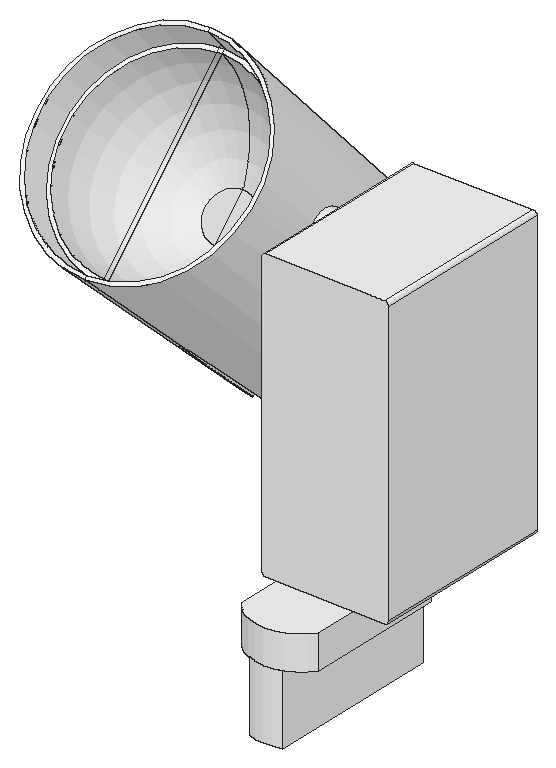
Revit family "0004825 Feilo Sylvania Lighting Fixture START TRACK SPOT S 14W 4K RA80 WB WHITE", category Lighting Fixtures, host Face, Revit 2017 (continued)
Definition of nested family "Start Track Spot Head"
  Types (96, lengths in mm): name | Wattage | built-in parameter 1150134 | Photometric Web File | Model | built-in parameter 1150105 | Lumens | built-in parameter 1150107 | built-in parameter 1150106 | HeadThickness_FEILO | HeadRibOffset_FEILO | HeadRibDepth_FEILO | HeadRibCutWidth_FEILO | HeadRibCutOffset_FEILO | HeadReflectorRadius_FEILO | HeadReflectorOffset_FEILO | HeadLEDRadius_FEILO | HeadHeight_FEILO | HeadDiffusorOffset_FEILO | HeadDiaOut_FEILO | HeadDiaIn_FEILO | HeadAxisFromTop_FEILO | Emit from Circle Diameter | built-in parameter 1150104 | Description | Apparent Load
    0004812 START TRACK SPOT S 14W 3K RA80 MB WHITE | 14 W | (empty or 0) | "0004812.ies" | "START TRACK SPOT S 14W 3K RA80 MB WHITE" | 120.32 (stored number, unit not read) | 1512 lm | 3000 (stored number, unit not read) | 1.2032 (stored number, unit not read) | 1.5 | 4.179 | 55.714 | 7.167 | 50.87 | 50.588 | 55.714 | 9.556 | 117 | 9.435 | 86 | 77.477 | 69.354 | 77.477 | 10.034 (stored number, unit not read) | "Integrated LED spotlight, Textured White - RAL9016, compact and minimalist design, ideal for retail applications, die-cast aluminium body, passive cooling heatsink. Beam angle: 36°, color temperature: 3000K , total system power: 14W, total fixture output: 1508 lm, LOR: 100%, colour rendering: Ra: 80 typical, LED Chromaticity: 3 step MacAdam ellipse, lifetime: >50000 hours at L70B50, energy class: A++, A+, A, IR/UV free light source without heat radiation, operating voltage: 220-240V / 50-60Hz, drive current: 350mA, electronic driver, non-dimmable, power factor: 0.92, electrical protection: Class II, Global Track 3 Phase adapter suitable for Global trac 3-circuit tracks, ingress protection rating: IP20, suitable for internal environment only, horizontal rotation: 355°, vertical tilt: 90°, dimensions: Ø86x140x200, weight: 0.940kg." | 14 VA
    0004811 START TRACK SPOT S 14W 3K RA80 NB WHITE | 14 W | (empty or 0) | "0004811.ies" | "START TRACK SPOT S 14W 3K RA80 NB WHITE" | 123.66 (stored number, unit not read) | 1554 lm | 3000 (stored number, unit not read) | 1.2366 (stored number, unit not read) | 1.5 | 4.179 | 55.714 | 7.167 | 50.87 | 50.588 | 55.714 | 9.556 | 117 | 9.435 | 86 | 77.477 | 69.354 | 77.477 | 10.312 (stored number, unit not read) | "Integrated LED spotlight, Textured White - RAL9016, compact and minimalist design, ideal for retail applications, die-cast aluminium body, passive cooling heatsink. Beam angle: 12°, color temperature: 3000K , total system power: 14W, total fixture output: 1551 lm, LOR: 100%, colour rendering: Ra: 80 typical, LED Chromaticity: 3 step MacAdam ellipse, lifetime: >50000 hours at L70B50, energy class: A++, A+, A, IR/UV free light source without heat radiation, operating voltage: 220-240V / 50-60Hz, drive current: 350mA, electronic driver, non-dimmable, power factor: 0.92, electrical protection: Class II, Global Track 3 Phase adapter suitable for Global trac 3-circuit tracks, ingress protection rating: IP20, suitable for internal environment only, horizontal rotation: 355°, vertical tilt: 90°, dimensions: Ø86x140x200, weight: 0.940kg." | 14 VA
  Reference planes
    plane 1 "Center (Front/Back)": y = 0
    plane 2: z = 0
    plane 3 "Center (Left/Right)": x = 0
    plane 4: x = 43
    plane 5: x = -43
    plane 6: x = -38.739
    plane 7: x = 38.739
    plane 8: z = 69.354
    plane 9: z = -47.646
    plane 10: x = -41.5
    plane 11: x = -37.239
    plane 12: z = -38.211
    plane 13: z = -35.211
    plane 14: z = 8.068
    plane 15: x = -9.556
    plane 16: x = -28.667
    plane 17: x = -19.111
    plane 18: x = -27.167
    plane 19: x = -17.611
    plane 20: x = -8.056
    plane 21: z = 13.64
    plane 22: x = -29.667
    plane 23: x = -26.167
    plane 24: x = -20.111
    plane 25: x = -16.611
    plane 26: x = -10.556
    plane 27: x = -7.056
    plane 28: x = -36.239
    plane 29: x = -40.5
    plane 30: z = 65.175
    plane 31: z = 60.997
    plane 32: z = 56.818
    plane 33: z = 18.484
    plane 34: y = -43
    plane 35: y = 43
    plane 36: y = 3.583
    plane 37: y = -3.583
    plane 38: y = -2.583
    plane 39: y = 2.583
    plane 40: y = 46
    plane 41: z = 13.5
    plane 42: z = -13.5
    plane 43: y = 39
    plane 44: x = 4.708
    plane 45: x = -2.458
    plane 46: x = -1.458
    plane 47: x = 1.458
  Forms (mm)
    Extrusion 1, solid
      sketch origin (4.2, 0, 0) x (1, 0, 0) y (0, 1, 0)
        loop
          line (-1219.2, 1219.2) -> (-1219.2, -1219.2) -> (1219.2, -1219.2) -> (1219.2, 1219.2) -> (-1219.2, 1219.2)
      from 0 to -68.017
    Revolve 2, solid, material <- "Material_1_FEILO", detail levels medium+fine
      sketch origin (0, 0, 0) x (1, 0, 0) y (0, 0, 1)
        loop
          line (-43, -47.646) -> (-41.5, -47.646) -> (-40.5, -35.211) -> (-38.739, -35.211)
          arc (-38.739, -35.211) -> (-30.16, -9.517) -> (-9.556, 8.068) r 50.588
          line (-9.556, 8.068) -> (0, 8.068) -> (0, 13.64) -> (-16.611, 13.64) -> (-17.611, 60.997) -> (-19.111, 60.997) -> (-20.111, 13.64) -> (-36.239, 13.64) -> (-37.239, 69.354) -> (-38.739, 69.354) -> (-43, -47.646)
        axis (0, 69.354) -> (0, -47.646)
      angle from 360 to 0
    Extrusion 3, void
      sketch origin (0, 0, 0) x (0, 1, 0) y (0, 0, 1)
        loop
          line (-3.583, 69.354) -> (-2.583, 18.484) -> (1.932, 18.484) -> (2.932, 69.354) -> (-3.583, 69.354)
      from 43 to -43
    Revolve 4, solid, material <- "Material_2_FEILO", detail levels medium+fine
      sketch origin (0, 0, 0) x (1, 0, 0) y (0, 0, 1)
        loop
          line (-41.5, -38.211) -> (0, -38.211) -> (0, -35.211) -> (-41.5, -35.211) -> (-41.5, -38.211)
        axis (0, -35.211) -> (0, -38.211)
      angle from 360 to 0
    Revolve 5, solid, material <- "Material_1_FEILO"
      sketch origin (0, 0, 0) x (0, 1, 0) y (0, 0, 1)
        loop
          line (46, 0) -> (39, 0) -> (39, -13.5) -> (46, -13.5) -> (46, 0)
        axis (39, 0) -> (46, 0)
      angle from 360 to 0
    Revolve 6, solid, material <- "Material_1_FEILO", detail levels medium+fine
      sketch origin (0, 0, 0) x (1, 0, 0) y (0, 0, 1)
        loop
          line (-29.667, 13.64) -> (-26.167, 13.64) -> (-27.167, 65.175) -> (-28.667, 65.175) -> (-29.667, 13.64)
        loop
          line (-10.556, 13.64) -> (-7.056, 13.64) -> (-7.833, 56.818) -> (-9.778, 56.818) -> (-10.556, 13.64)
        axis (0, 65.175) -> (0, 13.64)
      angle from 360 to 0
    Extrusion 7, void
      sketch origin (0, 0, 0) x (1, 0, 0) y (0, 0, 1)
        loop
          line (4.708, 69.354) -> (-2.458, 69.354) -> (-1.458, 13.64) -> (1.458, 13.64) -> (4.708, 69.354)
      from -43 to 43
    Revolve 8, solid, material <- "Material_1_FEILO", detail levels coarse
      sketch origin (0, 0, 0) x (1, 0, 0) y (0, 0, 1)
        loop
          line (0, 69.354) -> (-38.739, 69.354) -> (-43, -47.646) -> (-41.5, -47.646) -> (-40.731, -38.211) -> (0, -38.211) -> (0, 69.354)
        axis (0, 69.354) -> (0, -47.646)
      angle from 360 to 0
  Cuts and joins
    Extrusion 3 cuts Revolve 2
    Extrusion 7 cuts Revolve 6
  Dimensions and locks
    equal spacing: plane 7, plane 3 "Center (Left/Right)", plane 6
    equal spacing: plane 4, plane 3 "Center (Left/Right)", plane 5
    "HeadDiaOut_FEILO": plane 4 to plane 5
    "HeadDiaIn_FEILO": plane 7 to plane 6
    "HeadHeight_FEILO": plane 8 to plane 9
    "HeadThickness_FEILO": plane 10 to plane 5
    "HeadThickness_FEILO": plane 11 to plane 6
    "HeadDiffusorOffset_FEILO": plane 12 to plane 9
    "HeadDiffusorThickness_FEILO": plane 13 to plane 12
    "HeadReflectorOffset_FEILO": plane 14 to plane 9
    "HeadLEDRadius_FEILO": plane 3 "Center (Left/Right)" to plane 15
    "HeadLEDRadius_FEILO": plane 15 to plane 17
    "HeadLEDRadius_FEILO": plane 17 to plane 16
    "HeadThickness_FEILO": plane 18 to plane 16
    "HeadThickness_FEILO": plane 19 to plane 17
    "HeadThickness_FEILO": plane 20 to plane 15
    "HeadRibDepth_FEILO": plane 8 to plane 21
    "HeadDraft_FEILO": plane 16 to plane 22
    "HeadDraft_FEILO": plane 23 to plane 18
    "HeadDraft_FEILO": plane 17 to plane 24
    "HeadDraft_FEILO": plane 25 to plane 19
    "HeadDraft_FEILO": plane 15 to plane 26
    "HeadDraft_FEILO": plane 27 to plane 20
    "HeadDraft_FEILO": plane 29 to plane 10
    "HeadDraft_FEILO": plane 28 to plane 11
    "HeadRibOffset_FEILO": plane 8 to plane 30
    "HeadRibOffset_FEILO": plane 30 to plane 31
    "HeadRibOffset_FEILO": plane 31 to plane 32
    "HeadAxisFromTop_FEILO": plane 8 to plane 2
    "HeadRibCutOffset_FEILO": plane 8 to plane 33
    equal spacing: plane 34, plane 1 "Center (Front/Back)", plane 35
    "HeadDiaOut_FEILO": plane 34 to plane 35
    equal spacing: plane 38, plane 1 "Center (Front/Back)", plane 39
    equal spacing: plane 37, plane 1 "Center (Front/Back)", plane 36
    "HeadRibCutWidth_FEILO": plane 37 to plane 36
    "HeadDraft_FEILO": plane 37 to plane 38
    locked: plane 35 to plane 40 at 3
    equal spacing: plane 41, plane 2, plane 42
    locked: plane 42 to plane 41 at 27
    locked: plane 43 to plane 35 at 4
    equal spacing: plane 45, imposter light, plane 44
    "HeadDraft_FEILO": plane 46 to plane 45
    "HeadRibCutWidth_FEILO": plane 44 to plane 45
    equal spacing: plane 47, plane 3 "Center (Left/Right)", plane 46
    "HeadReflectorRadius_FEILO": radius of Revolve 2 sketch curve
    aligned and locked: plane 2 to Extrusion 1
    aligned and locked: level to Extrusion 1
    aligned and locked: Revolve 2 sketch curve to plane 3 "Center (Left/Right)"  (x2)
    aligned and locked: plane 9 to Revolve 2 sketch curve  (x2)
    aligned and locked: plane 5 to Revolve 2 sketch curve
    aligned and locked: plane 10 to Revolve 2 sketch curve
    aligned and locked: plane 14 to Revolve 2 sketch curve
    aligned and locked: plane 8 to Revolve 2 sketch curve
    aligned and locked: Revolve 2 sketch curve to plane 13
    aligned and locked: plane 12 to Revolve 4 sketch curve
    aligned and locked: plane 3 "Center (Left/Right)" to Revolve 4 sketch curve
    aligned and locked: Revolve 4 sketch curve to plane 10
    aligned and locked: Revolve 4 sketch curve to plane 3 "Center (Left/Right)"
    aligned and locked: plane 12 to imposter light
    aligned and locked: imposter light to plane 1 "Center (Front/Back)"
    aligned and locked: Revolve 5 sketch curve to plane 2
    aligned and locked: plane 43 to Revolve 5 sketch curve
    aligned and locked: plane 42 to Revolve 5 sketch curve
    aligned and locked: Revolve 6 sketch curve to plane 3 "Center (Left/Right)"
    aligned and locked: plane 22 to Revolve 6 sketch curve
    aligned and locked: plane 30 to Revolve 6 sketch curve
    aligned and locked: plane 23 to Revolve 6 sketch curve
    aligned and locked: Revolve 6 sketch curve to plane 21  (x2)
    aligned and locked: plane 21 to Revolve 6 sketch curve
    aligned and locked: plane 17 to Revolve 2 sketch curve
    aligned and locked: plane 19 to Revolve 2 sketch curve
    aligned and locked: plane 31 to Revolve 2 sketch curve
    aligned and locked: plane 21 to Revolve 2 sketch curve
    aligned and locked: Extrusion 3 to plane 8
    aligned and locked: plane 33 to Extrusion 3
    aligned and locked: plane 8 to Extrusion 3 sketch curve
    aligned and locked: Extrusion 3 sketch curve to plane 33
    aligned and locked: Extrusion 3 to plane 5
    aligned and locked: plane 4 to Extrusion 3
    aligned and locked: plane 32 to Revolve 6 sketch curve
    aligned and locked: plane 44 to Extrusion 7 sketch curve
    aligned and locked: Extrusion 7 sketch curve to plane 8
    aligned and locked: plane 46 to Extrusion 7 sketch curve
    aligned and locked: plane 21 to Extrusion 7 sketch curve
    aligned and locked: plane 34 to Extrusion 7
    aligned and locked: Extrusion 7 to plane 35
    aligned and locked: Revolve 4 sketch curve to plane 13
    aligned and locked: Revolve 5 sketch curve to plane 40
    aligned and locked: Revolve 8 sketch curve to plane 3 "Center (Left/Right)"
    aligned and locked: Revolve 8 sketch curve to cut or joined group of Revolve 2, Extrusion 3  (x3)
    aligned and locked: plane 5 to Revolve 8 sketch curve
    aligned and locked: plane 3 "Center (Left/Right)" to Revolve 8 sketch curve
    aligned and locked: plane 12 to Revolve 8 sketch curve
  Automatic sketch dimensions
    Extrusion 1 sketch curve to Extrusion 1 sketch curve = 2438.4 mm  (x2)
    Extrusion 3 sketch curve to plane 37 = 0 mm
    Extrusion 3 sketch curve to plane 38 = 0 mm
    plane 39 to Extrusion 3 sketch curve = 0.651 mm
    Extrusion 3 sketch curve to plane 39 = 0.349 mm
    Revolve 6 sketch curve to plane 16 = 0 mm
    Revolve 6 sketch curve to plane 18 = 0 mm
    Revolve 6 sketch curve to plane 26 = 0 mm
    Revolve 6 sketch curve to plane 27 = 0 mm
    Revolve 6 sketch curve to plane 15 = 0.222 mm
    plane 9 to Revolve 6 sketch curve = 559.103 mm
    Revolve 6 sketch curve to plane 8 = 2535.555 mm
    plane 20 to Revolve 6 sketch curve = 0.222 mm
    Revolve 2 sketch curve to plane 29 = 0 mm
    Revolve 2 sketch curve to plane 6 = 0 mm  (x2)
    Revolve 2 sketch curve to plane 11 = 0 mm
    Revolve 2 sketch curve to plane 21 = 0 mm
    Revolve 2 sketch curve to plane 28 = 0 mm
    Revolve 2 sketch curve to plane 24 = 0 mm
    Revolve 2 sketch curve to plane 25 = 0 mm
    Revolve 2 sketch curve to plane 15 = 0 mm
    Revolve 2 sketch curve to Revolve 2 sketch curve = 557.155 mm
    Revolve 2 sketch curve to plane 8 = 2535.558 mm
    Extrusion 7 sketch curve to plane 45 = 0 mm
    Extrusion 7 sketch curve to plane 47 = 0 mm
    plane 9 to Revolve 4 sketch curve = 559.103 mm
    Revolve 4 sketch curve to plane 8 = 2535.555 mm
    Revolve 5 sketch curve to level = 0 mm
    plane 34 to Revolve 5 sketch curve = 1968.092 mm
    Revolve 5 sketch curve to plane 40 = 1405.763 mm
    Revolve 8 sketch curve to plane 6 = 0 mm
    Revolve 8 sketch curve to plane 29 = 0.231 mm
    plane 9 to Revolve 8 sketch curve = 559.103 mm
    Revolve 8 sketch curve to Revolve 8 sketch curve = 2535.555 mm
Definition of nested family "Start Track Spot Box"
  Parameters (values of type "Type Large White")
    URL = "http://www.feilosylvania.com"
    Type Image = (empty or 0)
    Type Comments = "n/a"
    Small_FEILO = no
    Material_3_FEILO = none
    Model = ""
    Manufacturer = "Feilo Sylvania"
    Keynote = ""
    Material_2_FEILO = none
    Description = ""
    Default Elevation = 1219.2 mm
    Cost = 0
    Material_1_FEILO = none
    BoxWidth_FEILO = 49 mm
    BoxStartAngle_FEILO [instance] = 0.00°
    BoxRadius_FEILO = 1.5 mm
    BoxHeight_FEILO = if(Small_FEILO, 112 mm, 136 mm)  # 136 mm
    BoxEndAngle_FEILO [instance] = BoxStartAngle_FEILO - 180.00°  # -180.00°
    BoxDepth_FEILO = if(Small_FEILO, 71.5 mm, 79 mm)  # 79 mm
    BoxAxisVerticalOffset_FEILO = 16 mm
    BoxAxisOffset_FEILO = BoxHeight_FEILO / 6.8  # 20 mm
    Assembly Code = ""
    Material_4_FEILO = none
  Types (4, lengths in mm): name | Small_FEILO | BoxHeight_FEILO | BoxDepth_FEILO | BoxAxisOffset_FEILO
    Type Large White | no | 136 | 79 | 20
    Type Small White | yes | 112 | 71.5 | 16.471
    Type Small Black | yes | 112 | 71.5 | 16.471
    Type Large Black | no | 136 | 79 | 20
  Reference planes
    plane 1 "Center (Front/Back)": y = 0
    plane 2: z = 0
    plane 3 "Center (Left/Right)": x = 0
    plane 4: x = 24.5
    plane 5: x = -24.5
    plane 6: y = 68
    plane 7: y = -68
    plane 8: z = 39.5
    plane 9: z = -39.5
    plane 10: y = -48
    plane 11: x = 30.5
    plane 12: x = 8.5
    plane 13: x = 21.5
    plane 14: y = 70
    plane 15: y = 72
    plane 16: x = 19.5
  Forms (mm)
    Extrusion 1, solid
      sketch origin (4.2, 0, 0) x (1, 0, 0) y (0, 1, 0)
        loop
          line (-1219.2, 1219.2) -> (-1219.2, -1219.2) -> (1219.2, -1219.2) -> (1219.2, 1219.2) -> (-1219.2, 1219.2)
      from 0 to -68.017
    Extrusion 2, solid, material <- "Material_1_FEILO"
      sketch origin (0, 0, 0) x (1, 0, 0) y (0, 1, 0)
        loop
          arc (-23, 68) -> (-24.061, 67.561) -> (-24.5, 66.5) r 1.5
          line (-24.5, 66.5) -> (-24.5, -66.5)
          arc (-24.5, -66.5) -> (-24.061, -67.561) -> (-23, -68) r 1.5
          line (-23, -68) -> (23, -68)
          arc (23, -68) -> (24.061, -67.561) -> (24.5, -66.5) r 1.5
          line (24.5, -66.5) -> (24.5, 66.5)
          arc (24.5, 66.5) -> (24.061, 67.561) -> (23, 68) r 1.5
          line (23, 68) -> (-23, 68)
      from -39.5 to 39.5
    Revolve 3, solid, not visible
      sketch origin (0, 0, 0) x (1, 0, 0) y (0, 1, 0)
        loop
          line (30.5, -48) -> (24.5, -48) -> (24.5, -68) -> (30.5, -68) -> (30.5, -48)
        axis (30.5, -48) -> (24.5, -48)
      angle from 0 <- "BoxStartAngle_FEILO" to -180 <- "BoxEndAngle_FEILO"
    Revolve 4, solid, material <- "Material_2_FEILO"
      sketch origin (0, 0, 0) x (1, 0, 0) y (0, 1, 0)
        loop
          line (8.5, 68) -> (19.5, 68) -> (19.5, 70) -> (21.5, 70) -> (21.5, 72) -> (8.5, 72) -> (8.5, 68)
        axis (8.5, 72) -> (8.5, 68)
      angle from 360 to 0
  Dimensions and locks
    equal spacing: plane 5, plane 3 "Center (Left/Right)", plane 4
    "BoxWidth_FEILO": plane 5 to plane 4
    equal spacing: plane 7, plane 1 "Center (Front/Back)", plane 6
    "BoxHeight_FEILO": plane 7 to plane 6
    equal spacing: plane 8, plane 2, plane 9
    "BoxDepth_FEILO": plane 8 to plane 9
    "BoxAxisOffset_FEILO": plane 7 to plane 10
    locked: plane 4 to plane 11 at 6
    "BoxAxisVerticalOffset_FEILO": plane 12 to plane 4
    locked: plane 12 to plane 13 at 13
    plane 6 to plane 14 to plane 15 = 2 mm locked, 2 mm locked
    locked: plane 12 to plane 16 at 11
    "BoxRadius_FEILO": radius of Extrusion 2 sketch curve  (x4)
    aligned and locked: plane 2 to Extrusion 1
    aligned and locked: level to Extrusion 1
    aligned and locked: plane 6 to Extrusion 2 sketch curve
    aligned and locked: plane 5 to Extrusion 2 sketch curve
    aligned and locked: Extrusion 2 sketch curve to plane 7
    aligned and locked: Extrusion 2 sketch curve to plane 4
    aligned and locked: Extrusion 2 to plane 8
    aligned and locked: plane 9 to Extrusion 2
    aligned and locked: Revolve 3 sketch curve to plane 10  (x2)
    aligned and locked: plane 11 to Revolve 3 sketch curve
    aligned and locked: Revolve 3 sketch curve to plane 4
    aligned and locked: plane 7 to Revolve 3 sketch curve
    aligned and locked: Revolve 4 sketch curve to plane 12
    aligned and locked: plane 6 to Revolve 4 sketch curve
    aligned and locked: plane 12 to Revolve 4 sketch curve
    aligned and locked: plane 15 to Revolve 4 sketch curve
    aligned and locked: Revolve 4 sketch curve to plane 13
    aligned and locked: Revolve 4 sketch curve to plane 14
    aligned and locked: Revolve 4 sketch curve to plane 16
    aligned and locked: Revolve 4 sketch curve to plane 6
  Automatic sketch dimensions
    Extrusion 1 sketch curve to Extrusion 1 sketch curve = 2438.4 mm  (x2)
    Revolve 3 sketch curve to plane 5 = 1499.5 mm
    plane 11 to Revolve 3 sketch curve = 1493.5 mm
    plane 15 to Revolve 4 sketch curve = 0 mm
    plane 7 to Revolve 4 sketch curve = 1456 mm
    Revolve 4 sketch curve to plane 15 = 1452 mm
